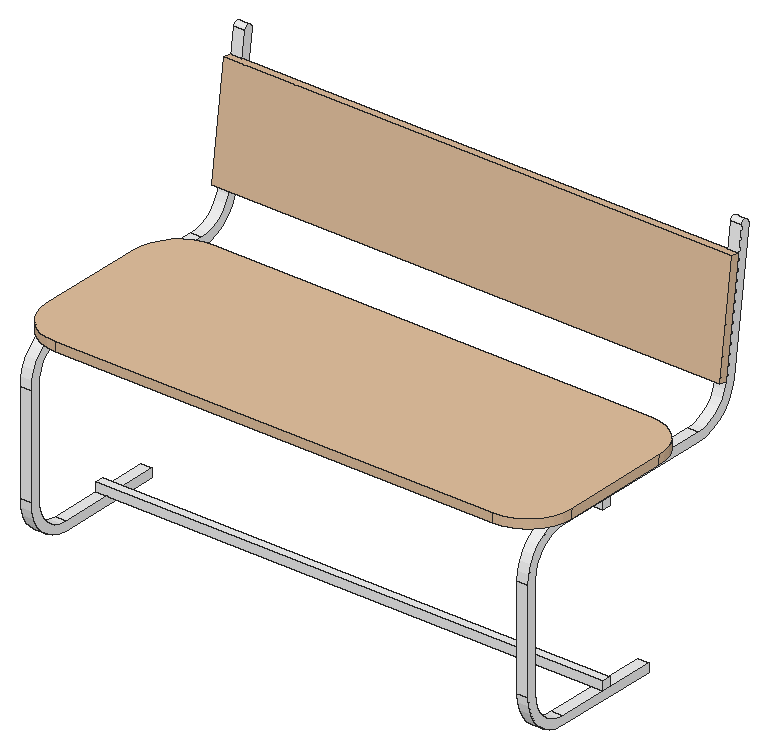
Revit family
Parameters (values of type "1200 x 450 mm")
  Bench Material = Wood
  Frame Material = Steel
  Length = 1200 mm
  Height = 450 mm
Reference planes
  plane 1 "Center (Front/Back)": y = 0
  plane 2: z = 0
  plane 3 "Center (Left/Right)": x = 0
  plane 4: x = 600
  plane 5: x = -600
  plane 6: y = 225
  plane 7: y = -225
  plane 8: z = 450
Forms (mm)
  Extrusion 1, solid, material "Wood" <- "Bench Material"
    sketch origin (0, 0, 450) x (-1, 0, 0) y (0, -1, 0)
      loop
        arc (500, -225) -> (570.711, -195.711) -> (600, -125) r 100
        line (600, -125) -> (600, 125)
        arc (600, 125) -> (570.711, 195.711) -> (500, 225) r 100
        line (500, 225) -> (-500, 225)
        arc (-500, 225) -> (-570.711, 195.711) -> (-600, 125) r 100
        line (-600, 125) -> (-600, -125)
        arc (-600, -125) -> (-570.711, -195.711) -> (-500, -225) r 100
        line (-500, -225) -> (500, -225)
    from 0 to -20
  Sweep 2, solid, material "Steel" <- "Frame Material"
    path origin (17.495, 0, 450) x (-1, 0, 0) y (0, -1, 0)
      loop
        line (597.532, 0) -> (572.25, 0)
    profile origin (-567.396, 0, 0) x (0, 1, 0) y (0, 0, 1)
      loop
        line (263.138, 430) -> (-125, 430)
        arc (-125, 430) -> (-195.711, 400.711) -> (-225, 330) r 100
        line (-225, 330) -> (-225, 100)
        arc (-225, 100) -> (-195.711, 29.289) -> (-125, 0) r 100
        line (-125, 0) -> (120, 0) -> (120, 20) -> (-125, 20)
        arc (-125, 20) -> (-181.569, 43.431) -> (-205, 100) r 80
        line (-205, 100) -> (-205, 330)
        arc (-205, 330) -> (-181.569, 386.569) -> (-125, 410) r 80
        line (-125, 410) -> (263.138, 410)
        arc (263.138, 410) -> (328.744, 434.529) -> (362.165, 496.083) r 100
        line (362.165, 496.083) -> (404.487, 797.217)
        arc (404.487, 797.217) -> (395.838, 807.533) -> (384.681, 800) r 10.054
        line (384.681, 800) -> (342.36, 498.866)
        arc (342.36, 498.866) -> (315.623, 449.623) -> (263.138, 430) r 80
  Sweep 3, solid, material "Steel" <- "Frame Material"
    path origin (0, 0, 450) x (-1, 0, 0) y (0, -1, 0)
      loop
        line (-579.924, 0) -> (-554.971, 0)
    profile origin (567.448, 0, 0) x (0, -1, 0) y (0, 0, 1)
      loop
        arc (-384.681, 800) -> (-395.838, 807.533) -> (-404.487, 797.217) r 10.054
        line (-404.487, 797.217) -> (-362.165, 496.083)
        arc (-362.165, 496.083) -> (-328.744, 434.529) -> (-263.138, 410) r 100
        line (-263.138, 410) -> (125, 410)
        arc (125, 410) -> (181.569, 386.569) -> (205, 330) r 80
        line (205, 330) -> (205, 100)
        arc (205, 100) -> (181.569, 43.431) -> (125, 20) r 80
        line (125, 20) -> (-120, 20) -> (-120, 0) -> (125, 0)
        arc (125, 0) -> (195.711, 29.289) -> (225, 100) r 100
        line (225, 100) -> (225, 330)
        arc (225, 330) -> (195.711, 400.711) -> (125, 430) r 100
        line (125, 430) -> (-263.138, 430)
        arc (-263.138, 430) -> (-315.623, 449.623) -> (-342.36, 498.866) r 80
        line (-342.36, 498.866) -> (-384.681, 800)
  Extrusion 4, solid, material "Steel" <- "Frame Material"
    sketch origin (0, 0, 0) x (1, 0, 0) y (0, 1, 0)
      loop
        line (579.924, 10) -> (-580.037, 10) -> (-580.037, -10) -> (579.924, -10) -> (579.924, 10)
    from 20 to 40
  Extrusion 5, solid, material "Steel" <- "Frame Material"
    sketch origin (0, 0, 450) x (-1, 0, 0) y (0, -1, 0)
      loop
        line (-579.924, -10) -> (580.037, -10) -> (580.037, 10) -> (-579.924, 10) -> (-579.924, -10)
    from -40 to -60
  Sweep 6, solid, material "Wood" <- "Bench Material"
    path origin (0, 0, 450) x (-1, 0, 0) y (0, -1, 0)
      loop
        line (580.037, -384.681) -> (-579.924, -384.681)
    profile origin (-0.057, 0, 0) x (0, 1, 0) y (0, 0, 1)
      loop
        line (342.36, 498.866) -> (377.153, 746.433) -> (357.348, 749.217) -> (322.554, 501.65) -> (342.36, 498.866)
Lines and regions (mm)
  symbolic lines
    curve 1: arc (-500, 225, 0) -> (-570.711, 195.711, 0) -> (-600, 125, 0) r 100
    curve 2: line (500, 225, 0) -> (-500, 225, 0)
    curve 3: arc (600, 125, 0) -> (570.711, 195.711, 0) -> (500, 225, 0) r 100
    curve 4: line (600, -125, 0) -> (600, 125, 0)
    curve 5: arc (500, -225, 0) -> (570.711, -195.711, 0) -> (600, -125, 0) r 100
    curve 6: line (-500, -225, 0) -> (500, -225, 0)
    curve 7: arc (-600, -125, 0) -> (-570.711, -195.711, 0) -> (-500, -225, 0) r 100
    curve 8: line (-600, 125, 0) -> (-600, -125, 0)
    curve 9: line (579.924, 322.554, 0) -> (-580.037, 322.554, 0)
    curve 10: line (579.924, 342.36, 0) -> (-580.037, 342.36, 0)
    curve 11: line (579.924, 357.348, 0) -> (-580.037, 357.348, 0)
    curve 12: line (-580.037, 377.153, 0) -> (579.924, 377.153, 0)
    curve 13: line (-580.037, 184.95, 0) -> (-580.037, 404.487, 0)
    curve 14: line (-580.037, 404.487, 0) -> (-554.755, 404.487, 0)
    curve 15: line (-554.755, 404.487, 0) -> (-554.755, 208.677, 0)
    curve 16: line (554.971, 208.536, 0) -> (554.971, 404.487, 0)
    curve 17: line (554.971, 404.487, 0) -> (579.924, 404.487, 0)
    curve 18: line (579.924, 404.487, 0) -> (579.924, 185.101, 0)
Dimensions and locks
  equal spacing: plane 5, plane 3 "Center (Left/Right)", plane 4
  "Length": plane 5 to plane 4
  equal spacing: plane 6, plane 1 "Center (Front/Back)", plane 7
  locked: plane 6 to plane 7 at 450
  "Height": plane 8 to level
  aligned and locked: Extrusion 1 sketch curve to plane 6
  aligned and locked: Extrusion 1 sketch curve to plane 4
  aligned and locked: plane 1 "Center (Front/Back)" to Sweep 2 sketch curve
  aligned and locked: level to Sweep 2 sketch curve
  aligned and locked: Sweep 3 sketch curve to plane 1 "Center (Front/Back)"
  aligned and locked: Sweep 3 sketch curve to Sweep 2  (x7)
  aligned and locked: Extrusion 5 sketch curve to Extrusion 4  (x4)
  aligned and locked: Extrusion 1 to Sweep 2
  aligned and locked: plane 8 to Extrusion 1
  aligned and locked: Extrusion 4 to Sweep 2
  aligned and locked: Sweep 2 to Sweep 6 sketch curve
  aligned and locked: Sweep 6 sketch curve to Sweep 6 sketch curve
  aligned and locked: curve 1 to Extrusion 1
  aligned and locked: curve 5 to Extrusion 1
  aligned and locked: curve 9 to Sweep 6
  aligned and locked: curve 10 to Sweep 6
  aligned and locked: curve 11 to Sweep 6
  aligned and locked: curve 12 to Sweep 6
  aligned and locked: Sweep 2 to curve 13
  aligned and locked: curve 14 to Sweep 2
  aligned and locked: curve 15 to Sweep 2
  aligned and locked: curve 16 to Sweep 3
  aligned and locked: curve 17 to Sweep 3
  aligned and locked: Sweep 3 to curve 18
Automatic sketch dimensions
  Extrusion 1 sketch curve to plane 7 = 0 mm
  Extrusion 1 sketch curve to plane 5 = 0 mm
  Extrusion 1 sketch curve to plane 4 = 100 mm  (x2)
  plane 5 to Extrusion 1 sketch curve = 100 mm  (x2)
  Sweep 2 sketch curve to Sweep 2 sketch curve = 20 mm  (x2)
  Sweep 2 sketch curve to Sweep 2 sketch curve = 80 mm  (x2)
  Sweep 2 sketch curve to plane 8 = 20 mm
  Sweep 2 sketch curve to Sweep 2 sketch curve = 0 mm  (x3)
  Sweep 2 sketch curve to profile plane = 120 mm
  Sweep 2 sketch curve to plane 8 = 40 mm
  Sweep 2 sketch curve to profile plane = 263.138 mm
  plane 8 to Sweep 2 sketch curve = 48.866 mm
  Sweep 2 sketch curve to Sweep 2 sketch curve = 79.221 mm
  plane 8 to Sweep 2 sketch curve = 46.083 mm
  Sweep 2 sketch curve to Sweep 2 sketch curve = 19.805 mm
  Sweep 2 sketch curve to Sweep 2 sketch curve = 42.322 mm
  Sweep 2 sketch curve to Sweep 2 sketch curve = 9.758 mm
  Sweep 2 sketch curve to Sweep 2 sketch curve = 10.048 mm
  Sweep 2 sketch curve to Sweep 2 sketch curve = 301.134 mm
  Sweep 2 sketch curve to Sweep 2 sketch curve = 0.36 mm
  plane 8 to Sweep 3 sketch curve = 347.217 mm
  plane 8 to Sweep 3 sketch curve = 350 mm
  plane 8 to Sweep 3 sketch curve = 46.083 mm
  Sweep 3 sketch curve to Sweep 3 sketch curve = 19.805 mm
  Sweep 3 sketch curve to Sweep 3 sketch curve = 80 mm
  Sweep 3 sketch curve to Sweep 3 sketch curve = 0 mm
  profile plane to Sweep 2 sketch curve = 125 mm
  plane 5 to Sweep 2 sketch curve = 45.245 mm
  plane 5 to Sweep 2 sketch curve = 19.963 mm
  Sweep 3 sketch curve to plane 4 = 20.076 mm
  Sweep 3 sketch curve to Sweep 3 sketch curve = 24.954 mm
  plane 5 to Extrusion 4 sketch curve = 19.963 mm
  Extrusion 4 sketch curve to plane 1 "Center (Front/Back)" = 10 mm
  Extrusion 4 sketch curve to plane 4 = 20.076 mm
  plane 1 "Center (Front/Back)" to Extrusion 4 sketch curve = 10 mm
  profile plane to Sweep 6 sketch curve = 62.127 mm
  Sweep 6 sketch curve to Sweep 6 sketch curve = 19.805 mm
  profile plane to Sweep 6 sketch curve = 7.528 mm
  Sweep 6 sketch curve to plane 4 = 20.076 mm
  plane 5 to Sweep 6 sketch curve = 19.963 mm
  plane 6 to Sweep 6 sketch curve = 159.681 mm
  plane 8 to Sweep 6 sketch curve = 48.866 mm
  Sweep 6 sketch curve to Sweep 6 sketch curve = 2.783 mm
  plane 5 to curve 6 = 100 mm
  curve 18 to curve 16 = 23.435 mm
